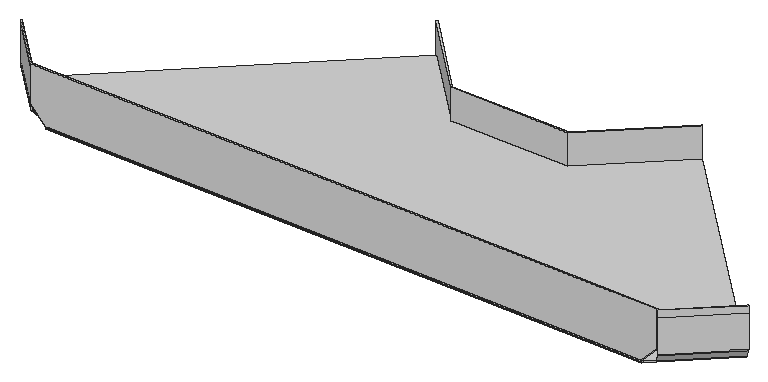
Revit family "ORMA_CORNER PLATFORM SBU_1938050", category Generic Models, Revit 2018
Family settings
  Can host rebar = No
  Round Connector Dimension = Use Diameter
  Part Type = Normal
  OmniClass Number = 35.51.14.00
  OmniClass Title = FORMWORK
  Work Plane-Based = Yes
  Always vertical = No
  Cut with Voids When Loaded = No
  Shared = Yes
  Room Calculation Point = No
Parameters
  VERSION = "20170217"  # constant formula
  URL = "www.ulmaconstruction.com/en"
  UNICLASS = ""
  Manufacturer = "ULMA CONSTRUCTION"  # constant formula
  ITEM_CODE = "1938050"
  FILTER [instance] = ""
  Default Elevation = 0.000 mm
  CLASSIFICATION_TITLE = ""
  CLASSIFICATION_NUMBER = ""
Reference planes
  plane 1 "Centro (Frontal/Posterior)": y = 0
  plane 2: z = 0
  plane 3 "Centro (Izquierda/Derecha)": x = 0
  plane 4 "1": through (-113.95, 83.056, 1200) normal (0.7071, -0.7071, 0)
  plane 5 "ZULUAK2": through (659.922, 77.673, 1200) normal (0.7071, -0.7071, 0)
  plane 6 "ZULUAK": through (657.801, 79.795, 1200) normal (0.7071, -0.7071, 0)
  plane 7 "ZULUAK5": through (-113.95, 79.797, 1200) normal (0.7071, 0.7071, 0)
  plane 8 "ZULUAK4": through (-116.072, 77.676, 1200) normal (0.7071, 0.7071, 0)
Forms (mm)
  Extrusion 1, solid, material "ULMA ZINC"
    sketch origin (0, 3.259, 0) x (1, 0, 0) y (0, 1, 0)
      loop
        line (102.429, -139.841) -> (-113.95, 76.538) -> (-765.697, -575.209) -> (-597.386, -743.52) -> (-597.386, -746.518) -> (1141.313, -746.518) -> (1141.313, -743.52) -> (1163.598, -721.235) -> (1309.585, -575.248) -> (657.801, 76.536) -> (441.425, -139.841) -> (102.429, -139.841)
    from 50.229 to 53.229
  Extrusion 2, solid, material "ULMA ZINC"
    sketch origin (0, 0, 0) x (1, 0, 0) y (0, 1, 0)
      loop
        line (102.429, -136.582) -> (-113.95, 79.797) -> (-116.072, 77.676) -> (101.186, -139.582) -> (442.667, -139.582) -> (659.922, 77.673) -> (657.801, 79.795) -> (441.425, -136.582) -> (102.429, -136.582)
    from 53.229 to 141.1
  Extrusion 3, solid, material "ULMA ZINC"
    sketch origin (-98.503, 98.503, 0) x (0.707107, 0.707107, 0) y (0, 0, 1)
      loop
        line (-979.146, 84.635) -> (-945.912, 51.401) -> (-943.79, 53.522) -> (-977.024, 86.756)
        arc (-977.024, 86.756) -> (-977.241, 87.081) -> (-977.317, 87.463) r 1
        line (-977.317, 87.463) -> (-977.317, 183.407) -> (-977.317, 203.294) -> (-980.317, 203.407) -> (-980.317, 183.407) -> (-980.317, 87.463)
        arc (-980.317, 87.463) -> (-980.013, 85.932) -> (-979.146, 84.635) r 4
    from 2.304 to 208.764
  Extrusion 4, solid, material "ULMA ZINC"
    sketch origin (642.356, 98.503, 0) x (-0.707107, 0.707107, 0) y (0, 0, -1)
      loop
        arc (-979.146, -84.635) -> (-980.013, -85.932) -> (-980.317, -87.463) r 4
        line (-980.317, -87.463) -> (-980.317, -183.407) -> (-980.317, -203.407) -> (-977.317, -203.294) -> (-977.317, -183.407) -> (-977.317, -87.463)
        arc (-977.317, -87.463) -> (-977.241, -87.081) -> (-977.024, -86.756) r 1
        line (-977.024, -86.756) -> (-943.79, -53.522) -> (-945.912, -51.401) -> (-979.146, -84.635)
    from 2.304 to 208.768
  Extrusion 5, solid, material "ULMA ZINC"
    sketch origin (0, 0, 0) x (1, 0, 0) y (0, 0, 1)
      loop
        line (-641.796, 101.479) -> (-597.546, 57.229)
        arc (-597.546, 57.229) -> (-596.045, 56.536) -> (-594.421, 56.229) r 6.755
        line (-594.421, 56.229) -> (1138.345, 56.229)
        arc (1138.345, 56.229) -> (1139.97, 56.536) -> (1141.471, 57.229) r 6.756
        line (1141.471, 57.229) -> (1185.722, 101.479) -> (1185.722, 206.294) -> (1017.172, 206.294) -> (-641.796, 206.294) -> (-641.796, 101.479)
    from 740.261 to 743.259
Lines and regions (mm)
  model lines, style "ULMA WORKING PLATFORMS", detail levels fine
    curve 1: line (621.741, 39.492, 122.6) -> (638.712, 56.462, 122.6)
    curve 2: arc (638.712, 56.462, 122.6) -> (643.308, 61.059, 116.1) -> (638.712, 56.462, 109.6) r 6.5
    curve 3: line (638.712, 56.462, 109.6) -> (621.741, 39.492, 109.6)
    curve 4: arc (621.741, 39.492, 109.6) -> (617.145, 34.896, 116.1) -> (621.741, 39.492, 122.6) r 6.5
    curve 5: line (582.85, 0.601, 122.6) -> (599.821, 17.572, 122.6)
    curve 6: arc (599.821, 17.572, 122.6) -> (604.417, 22.168, 116.1) -> (599.821, 17.572, 109.6) r 6.5
    curve 7: line (599.821, 17.572, 109.6) -> (582.85, 0.601, 109.6)
    curve 8: arc (582.85, 0.601, 109.6) -> (578.254, -3.995, 116.1) -> (582.85, 0.601, 122.6) r 6.5
    curve 9: line (536.683, -45.566, 122.6) -> (560.93, -21.319, 122.6)
    curve 10: arc (560.93, -21.319, 122.6) -> (565.526, -16.723, 116.1) -> (560.93, -21.319, 109.6) r 6.5
    curve 11: line (560.93, -21.319, 109.6) -> (536.683, -45.566, 109.6)
    curve 12: arc (536.683, -45.566, 109.6) -> (532.087, -50.162, 116.1) -> (536.683, -45.566, 122.6) r 6.5
    curve 13: line (497.792, -84.457, 122.6) -> (514.763, -67.486, 122.6)
    curve 14: arc (514.763, -67.486, 122.6) -> (519.359, -62.89, 116.1) -> (514.763, -67.486, 109.6) r 6.5
    curve 15: line (514.763, -67.486, 109.6) -> (497.792, -84.457, 109.6)
    curve 16: arc (497.792, -84.457, 109.6) -> (493.196, -89.053, 116.1) -> (497.792, -84.457, 122.6) r 6.5
    curve 17: line (458.901, -123.348, 122.6) -> (475.872, -106.377, 122.6)
    curve 18: arc (475.872, -106.377, 122.6) -> (480.468, -101.781, 116.1) -> (475.872, -106.377, 109.6) r 6.5
    curve 19: line (475.872, -106.377, 109.6) -> (458.901, -123.348, 109.6)
    curve 20: arc (458.901, -123.348, 109.6) -> (454.305, -127.944, 116.1) -> (458.901, -123.348, 122.6) r 6.5
    curve 21: line (619.62, 41.613, 122.6) -> (636.59, 58.584, 122.6)
    curve 22: arc (636.59, 58.584, 122.6) -> (641.186, 63.18, 116.1) -> (636.59, 58.584, 109.6) r 6.5
    curve 23: line (636.59, 58.584, 109.6) -> (619.62, 41.613, 109.6)
    curve 24: arc (619.62, 41.613, 109.6) -> (615.023, 37.017, 116.1) -> (619.62, 41.613, 122.6) r 6.5
    curve 25: line (580.729, 2.722, 122.6) -> (597.699, 19.693, 122.6)
    curve 26: arc (597.699, 19.693, 122.6) -> (602.296, 24.289, 116.1) -> (597.699, 19.693, 109.6) r 6.5
    curve 27: line (597.699, 19.693, 109.6) -> (580.729, 2.722, 109.6)
    curve 28: arc (580.729, 2.722, 109.6) -> (576.133, -1.874, 116.1) -> (580.729, 2.722, 122.6) r 6.5
    curve 29: line (534.562, -43.445, 122.6) -> (558.808, -19.198, 122.6)
    curve 30: arc (558.808, -19.198, 122.6) -> (563.405, -14.602, 116.1) -> (558.808, -19.198, 109.6) r 6.5
    curve 31: line (558.808, -19.198, 109.6) -> (534.562, -43.445, 109.6)
    curve 32: arc (534.562, -43.445, 109.6) -> (529.966, -48.041, 116.1) -> (534.562, -43.445, 122.6) r 6.5
    curve 33: arc (512.641, -65.365, 122.6) -> (517.238, -60.769, 116.1) -> (512.641, -65.365, 109.6) r 6.5
    curve 34: line (512.641, -65.365, 109.6) -> (495.671, -82.336, 109.6)
    curve 35: arc (495.671, -82.336, 109.6) -> (491.075, -86.932, 116.1) -> (495.671, -82.336, 122.6) r 6.5
    curve 36: line (495.671, -82.336, 122.6) -> (512.641, -65.365, 122.6)
    curve 37: line (456.78, -121.226, 122.6) -> (473.751, -104.256, 122.6)
    curve 38: arc (473.751, -104.256, 122.6) -> (478.347, -99.66, 116.1) -> (473.751, -104.256, 109.6) r 6.5
    curve 39: line (473.751, -104.256, 109.6) -> (456.78, -121.226, 109.6)
    curve 40: arc (456.78, -121.226, 109.6) -> (452.184, -125.823, 116.1) -> (456.78, -121.226, 122.6) r 6.5
    curve 41: line (67.979, -106.375, 109.6) -> (84.949, -123.345, 109.6)
    curve 42: arc (84.949, -123.345, 109.6) -> (89.546, -127.942, 116.1) -> (84.949, -123.345, 122.6) r 6.5
    curve 43: line (84.949, -123.345, 122.6) -> (67.979, -106.375, 122.6)
    curve 44: arc (67.979, -106.375, 122.6) -> (63.383, -101.779, 116.1) -> (67.979, -106.375, 109.6) r 6.5
    curve 45: line (29.088, -67.484, 109.6) -> (46.059, -84.455, 109.6)
    curve 46: arc (46.059, -84.455, 109.6) -> (50.655, -89.051, 116.1) -> (46.059, -84.455, 122.6) r 6.5
    curve 47: line (46.059, -84.455, 122.6) -> (29.088, -67.484, 122.6)
    curve 48: arc (29.088, -67.484, 122.6) -> (24.492, -62.888, 116.1) -> (29.088, -67.484, 109.6) r 6.5
    curve 49: arc (7.168, -45.564, 109.6) -> (11.764, -50.16, 116.1) -> (7.168, -45.564, 122.6) r 6.5
    curve 50: line (7.168, -45.564, 122.6) -> (-17.079, -21.317, 122.6)
    curve 51: arc (-17.079, -21.317, 122.6) -> (-21.675, -16.721, 116.1) -> (-17.079, -21.317, 109.6) r 6.5
    curve 52: line (-17.079, -21.317, 109.6) -> (7.168, -45.564, 109.6)
    curve 53: line (-55.97, 17.574, 109.6) -> (-38.999, 0.603, 109.6)
    curve 54: arc (-38.999, 0.603, 109.6) -> (-34.403, -3.993, 116.1) -> (-38.999, 0.603, 122.6) r 6.5
    curve 55: line (-38.999, 0.603, 122.6) -> (-55.97, 17.574, 122.6)
    curve 56: arc (-55.97, 17.574, 122.6) -> (-60.566, 22.17, 116.1) -> (-55.97, 17.574, 109.6) r 6.5
    curve 57: line (-94.861, 56.465, 109.6) -> (-77.89, 39.494, 109.6)
    curve 58: arc (-77.89, 39.494, 109.6) -> (-73.294, 34.898, 116.1) -> (-77.89, 39.494, 122.6) r 6.5
    curve 59: line (-77.89, 39.494, 122.6) -> (-94.861, 56.465, 122.6)
    curve 60: arc (-94.861, 56.465, 122.6) -> (-99.457, 61.061, 116.1) -> (-94.861, 56.465, 109.6) r 6.5
    curve 61: line (-75.769, 41.616, 122.6) -> (-92.739, 58.586, 122.6)
    curve 62: arc (-92.739, 58.586, 122.6) -> (-97.336, 63.182, 116.1) -> (-92.739, 58.586, 109.6) r 6.5
    curve 63: line (-92.739, 58.586, 109.6) -> (-75.769, 41.616, 109.6)
    curve 64: arc (-75.769, 41.616, 109.6) -> (-71.173, 37.019, 116.1) -> (-75.769, 41.616, 122.6) r 6.5
    curve 65: line (-36.878, 2.725, 122.6) -> (-53.848, 19.695, 122.6)
    curve 66: arc (-53.848, 19.695, 122.6) -> (-58.445, 24.291, 116.1) -> (-53.848, 19.695, 109.6) r 6.5
    curve 67: line (-53.848, 19.695, 109.6) -> (-36.878, 2.725, 109.6)
    curve 68: arc (-36.878, 2.725, 109.6) -> (-32.282, -1.872, 116.1) -> (-36.878, 2.725, 122.6) r 6.5
    curve 69: line (9.289, -43.442, 122.6) -> (-14.958, -19.196, 122.6)
    curve 70: arc (-14.958, -19.196, 122.6) -> (-19.554, -14.599, 116.1) -> (-14.958, -19.196, 109.6) r 6.5
    curve 71: line (-14.958, -19.196, 109.6) -> (9.289, -43.442, 109.6)
    curve 72: arc (9.289, -43.442, 109.6) -> (13.885, -48.039, 116.1) -> (9.289, -43.442, 122.6) r 6.5
    curve 73: line (48.18, -82.333, 122.6) -> (31.209, -65.363, 122.6)
    curve 74: arc (31.209, -65.363, 122.6) -> (26.613, -60.766, 116.1) -> (31.209, -65.363, 109.6) r 6.5
    curve 75: line (31.209, -65.363, 109.6) -> (48.18, -82.333, 109.6)
    curve 76: arc (48.18, -82.333, 109.6) -> (52.776, -86.929, 116.1) -> (48.18, -82.333, 122.6) r 6.5
    curve 77: line (87.071, -121.224, 122.6) -> (70.1, -104.253, 122.6)
    curve 78: arc (70.1, -104.253, 122.6) -> (65.504, -99.657, 116.1) -> (70.1, -104.253, 109.6) r 6.5
    curve 79: line (70.1, -104.253, 109.6) -> (87.071, -121.224, 109.6)
    curve 80: arc (87.071, -121.224, 109.6) -> (91.667, -125.82, 116.1) -> (87.071, -121.224, 122.6) r 6.5
    curve 81: arc (296.961, -136.582, 97.286) -> (289.639, -136.582, 114.964) -> (271.961, -136.582, 122.286) r 25
    curve 82: arc (271.961, -136.582, 122.286) -> (254.284, -136.582, 114.964) -> (246.961, -136.582, 97.286) r 25
    curve 83: arc (246.961, -136.582, 87.286) -> (254.284, -136.582, 69.609) -> (271.961, -136.582, 62.286) r 25
    curve 84: arc (271.961, -136.582, 62.286) -> (289.639, -136.582, 69.609) -> (296.961, -136.582, 87.286) r 25
    curve 85: line (296.961, -136.582, 87.286) -> (296.961, -136.582, 97.286)
    curve 86: line (246.961, -136.582, 87.286) -> (246.961, -136.582, 97.286)
    curve 87: arc (296.961, -139.582, 97.286) -> (289.639, -139.582, 114.964) -> (271.961, -139.582, 122.286) r 25
    curve 88: arc (271.961, -139.582, 122.286) -> (254.284, -139.582, 114.964) -> (246.961, -139.582, 97.286) r 25
    curve 89: arc (246.961, -139.582, 87.286) -> (254.284, -139.582, 69.609) -> (271.961, -139.582, 62.286) r 25
    curve 90: arc (271.961, -139.582, 62.286) -> (289.639, -139.582, 69.609) -> (296.961, -139.582, 87.286) r 25
    curve 91: line (296.961, -139.582, 87.286) -> (296.961, -139.582, 97.286)
    curve 92: line (246.961, -139.582, 87.286) -> (246.961, -139.582, 97.286)
    curve 93: arc (-216.796, -740.261, 158.308) -> (-241.803, -740.261, 183.294) -> (-266.796, -740.261, 158.294) r 25
    curve 94: arc (-266.796, -740.261, 148.294) -> (-241.79, -740.261, 123.294) -> (-216.796, -740.261, 148.308) r 25
    curve 95: arc (760.722, -740.261, 148.292) -> (785.728, -740.261, 123.292) -> (810.722, -740.261, 148.306) r 25
    curve 96: arc (810.722, -740.261, 158.292) -> (803.399, -740.261, 175.97) -> (785.722, -740.261, 183.292) r 25
    curve 97: arc (785.722, -740.261, 183.292) -> (768.039, -740.261, 175.965) -> (760.722, -740.261, 158.279) r 25
    curve 98: line (760.722, -740.261, 148.292) -> (760.722, -740.261, 158.279)
    curve 99: line (810.722, -740.261, 148.306) -> (810.722, -740.261, 158.292)
    curve 100: line (-216.796, -740.261, 148.308) -> (-216.796, -740.261, 158.308)
    curve 101: line (-266.796, -740.261, 148.294) -> (-266.796, -740.261, 158.294)
    curve 102: arc (-216.796, -743.259, 158.308) -> (-241.803, -743.259, 183.294) -> (-266.796, -743.259, 158.294) r 25
    curve 103: arc (-266.796, -743.259, 148.294) -> (-241.79, -743.259, 123.294) -> (-216.796, -743.259, 148.308) r 25
    curve 104: arc (760.722, -743.259, 148.292) -> (785.728, -743.259, 123.292) -> (810.722, -743.259, 148.306) r 25
    curve 105: arc (810.722, -743.259, 158.292) -> (803.399, -743.259, 175.97) -> (785.722, -743.259, 183.292) r 25
    curve 106: arc (785.722, -743.259, 183.292) -> (768.039, -743.259, 175.965) -> (760.722, -743.259, 158.279) r 25
    curve 107: line (760.722, -743.259, 148.292) -> (760.722, -743.259, 158.279)
    curve 108: line (810.722, -743.259, 148.306) -> (810.722, -743.259, 158.292)
    curve 109: line (-216.796, -743.259, 148.308) -> (-216.796, -743.259, 158.308)
    curve 110: line (-266.796, -743.259, 148.294) -> (-266.796, -743.259, 158.294)
    curve 111: circle (-638.073, -554.202, 50.229) r 7.5 normal (0, 0, 1)
    curve 112: circle (-508.073, -441.702, 50.229) r 7.5 normal (0, 0, 1)
    curve 113: circle (-378.073, -554.202, 50.229) r 7.5 normal (0, 0, 1)
    curve 114: circle (-248.073, -666.702, 50.229) r 7.5 normal (0, 0, 1)
    curve 115: circle (-378.074, -329.202, 50.229) r 7.5 normal (0, 0, 1)
    curve 116: circle (-248.073, -441.702, 50.229) r 7.5 normal (0, 0, 1)
    curve 117: circle (-118.073, -554.202, 50.229) r 7.5 normal (0, 0, 1)
    curve 118: circle (11.927, -666.701, 50.229) r 7.5 normal (0, 0, 1)
    curve 119: circle (-248.074, -216.702, 50.229) r 7.5 normal (0, 0, 1)
    curve 120: circle (-118.074, -329.202, 50.229) r 7.5 normal (0, 0, 1)
    curve 121: circle (11.927, -441.701, 50.229) r 7.5 normal (0, 0, 1)
    curve 122: circle (141.927, -554.201, 50.229) r 7.5 normal (0, 0, 1)
    curve 123: circle (271.927, -666.701, 50.229) r 7.5 normal (0, 0, 1)
    curve 124: circle (-118.074, -104.202, 50.229) r 7.5 normal (0, 0, 1)
    curve 125: circle (11.926, -216.701, 50.229) r 7.5 normal (0, 0, 1)
    curve 126: circle (141.926, -329.201, 50.229) r 7.5 normal (0, 0, 1)
    curve 127: circle (271.927, -441.701, 50.229) r 7.5 normal (0, 0, 1)
    curve 128: circle (401.927, -554.201, 50.229) r 7.5 normal (0, 0, 1)
    curve 129: circle (531.927, -666.701, 50.229) r 7.5 normal (0, 0, 1)
    curve 130: circle (271.926, -216.701, 50.229) r 7.5 normal (0, 0, 1)
    curve 131: circle (401.926, -329.201, 50.229) r 7.5 normal (0, 0, 1)
    curve 132: circle (531.927, -441.701, 50.229) r 7.5 normal (0, 0, 1)
    curve 133: circle (661.927, -554.201, 50.229) r 7.5 normal (0, 0, 1)
    curve 134: circle (791.927, -666.7, 50.229) r 7.5 normal (0, 0, 1)
    curve 135: circle (531.926, -216.701, 50.229) r 7.5 normal (0, 0, 1)
    curve 136: circle (661.926, -329.201, 50.229) r 7.5 normal (0, 0, 1)
    curve 137: circle (791.927, -441.7, 50.229) r 7.5 normal (0, 0, 1)
    curve 138: circle (921.927, -554.2, 50.229) r 7.5 normal (0, 0, 1)
    curve 139: circle (1051.927, -666.7, 50.229) r 7.5 normal (0, 0, 1)
    curve 140: circle (661.926, -104.201, 50.229) r 7.5 normal (0, 0, 1)
    curve 141: circle (791.926, -216.7, 50.229) r 7.5 normal (0, 0, 1)
    curve 142: circle (921.926, -329.2, 50.229) r 7.5 normal (0, 0, 1)
    curve 143: circle (1051.927, -441.7, 50.229) r 7.5 normal (0, 0, 1)
    curve 144: circle (1181.927, -554.2, 50.229) r 7.5 normal (0, 0, 1)
    curve 145: circle (-508.073, -666.702, 50.229) r 7.5 normal (0, 0, 1)
    curve 146: circle (-638.073, -554.202, 53.229) r 7.5 normal (0, 0, 1)
    curve 147: circle (-508.073, -441.702, 53.229) r 7.5 normal (0, 0, 1)
    curve 148: circle (-378.073, -554.202, 53.229) r 7.5 normal (0, 0, 1)
    curve 149: circle (-248.073, -666.702, 53.229) r 7.5 normal (0, 0, 1)
    curve 150: circle (-378.074, -329.202, 53.229) r 7.5 normal (0, 0, 1)
    curve 151: circle (-248.073, -441.702, 53.229) r 7.5 normal (0, 0, 1)
    curve 152: circle (-118.073, -554.202, 53.229) r 7.5 normal (0, 0, 1)
    curve 153: circle (11.927, -666.701, 53.229) r 7.5 normal (0, 0, 1)
    curve 154: circle (-248.074, -216.702, 53.229) r 7.5 normal (0, 0, 1)
    curve 155: circle (-118.074, -329.202, 53.229) r 7.5 normal (0, 0, 1)
    curve 156: circle (11.927, -441.701, 53.229) r 7.5 normal (0, 0, 1)
    curve 157: circle (141.927, -554.201, 53.229) r 7.5 normal (0, 0, 1)
    curve 158: circle (271.927, -666.701, 53.229) r 7.5 normal (0, 0, 1)
    curve 159: circle (-118.074, -104.202, 53.229) r 7.5 normal (0, 0, 1)
    curve 160: circle (11.926, -216.701, 53.229) r 7.5 normal (0, 0, 1)
    curve 161: circle (141.926, -329.201, 53.229) r 7.5 normal (0, 0, 1)
    curve 162: circle (271.927, -441.701, 53.229) r 7.5 normal (0, 0, 1)
    curve 163: circle (401.927, -554.201, 53.229) r 7.5 normal (0, 0, 1)
    curve 164: circle (531.927, -666.701, 53.229) r 7.5 normal (0, 0, 1)
    curve 165: circle (271.926, -216.701, 53.229) r 7.5 normal (0, 0, 1)
    curve 166: circle (401.926, -329.201, 53.229) r 7.5 normal (0, 0, 1)
    curve 167: circle (531.927, -441.701, 53.229) r 7.5 normal (0, 0, 1)
    curve 168: circle (661.927, -554.201, 53.229) r 7.5 normal (0, 0, 1)
    curve 169: circle (791.927, -666.7, 53.229) r 7.5 normal (0, 0, 1)
    curve 170: circle (531.926, -216.701, 53.229) r 7.5 normal (0, 0, 1)
    curve 171: circle (661.926, -329.201, 53.229) r 7.5 normal (0, 0, 1)
    curve 172: circle (791.927, -441.7, 53.229) r 7.5 normal (0, 0, 1)
    curve 173: circle (921.927, -554.2, 53.229) r 7.5 normal (0, 0, 1)
    curve 174: circle (1051.927, -666.7, 53.229) r 7.5 normal (0, 0, 1)
    curve 175: circle (661.926, -104.201, 53.229) r 7.5 normal (0, 0, 1)
    curve 176: circle (791.926, -216.7, 53.229) r 7.5 normal (0, 0, 1)
    curve 177: circle (921.926, -329.2, 53.229) r 7.5 normal (0, 0, 1)
    curve 178: circle (1051.927, -441.7, 53.229) r 7.5 normal (0, 0, 1)
    curve 179: circle (1181.927, -554.2, 53.229) r 7.5 normal (0, 0, 1)
    curve 180: circle (-508.073, -666.702, 53.229) r 7.5 normal (0, 0, 1)
Dimensions and locks
  aligned and locked: level to plane 2
